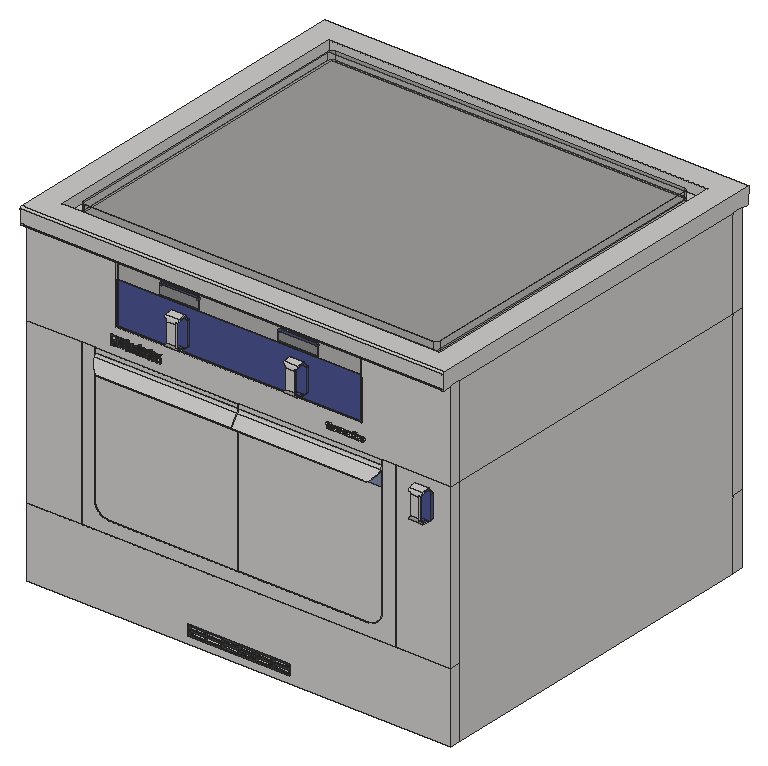
Revit family "QF_ELECTROLUXPROFESSIONAL_589676_MCIRFCJ4AO", category Attrezzature speciali, Revit 2020
Family settings
  Quota connettore circolare = Usa diametro
  Tipo di parte = Normale
  Basato su piano di lavoro = No
  Sempre verticale = Sì
  Taglio con vuoti quando caricato = No
  Condiviso = No
  Punto di calcolo locali = No
Parameters (values of type "Standard")
  Weight = 136.00 kg
  Watts = 22000 W
  Volts = 400 V
  URL Manufacturer = "https://www.electroluxprofessional.com/"
  URL = "https://www.electroluxprofessional.com/"
  Steam Supply Size = 0"
  Steam Supply Minimum Pressure = 0.00 psi
  Steam Supply Maximum Pressure = 0.00 psi
  Steam Consumption per Hour = 0
  Refrigeration Suction Line Size = 0 mm
  Refrigeration Liquid Line Size = 0 mm
  Refrigerant Compressor Remote = yes
  Prospetto di default = 0 mm
  Phase = 3
  Modello = "MCIRFCJ4AO"
  Produttore = "Electrolux Professional"
  Length Actual = 1000 mm  # constant formula
  Item Number = "589676"
  Hot Water Size = 0"
  Height Actual = 800 mm  # constant formula
  HP = "29.5 HP"
  Gas Size = 0"
  Gas KW = 0
  Gas Input Pressure = 0.0 Btu/h
  Direct Waste Size = 0"
  Descrizione = "INDUCTION,4Z,WARM CAB PASS,2S,1000X900X8"
  Depth Actual = 900 mm  # constant formula
  Cycle = 50 Hz
  Condensate Return Size = 0"
  Compressed Air Volume = 0 GPM
  Compressed Air Size = 0"
  Compressed Air Pressure = 0.00 psi
  Cold Water Size = 0"
  Accessory = yes
Reference planes
  plane 1 "BACK": y = 0
  plane 2: z = 0
  plane 3 "LEFT": x = -100
  plane 4 "RIGHT": x = 900
  plane 5 "FRONT": y = -900
  plane 6 "TOP": z = 900
  plane 7 "Center (Left/Right)": x = 400
  plane 8: y = -450
  plane 9: z = 100
  plane 10: y = -150
  plane 11 "Panel": y = -855
  plane 12: z = 798
  plane 13: z = 1327
  plane 14: x = -22
  plane 15: x = 822
  plane 16: y = -150
  plane 17: y = -650
  plane 18 "EIx": x = 855
  plane 19 "EIy": y = -685
  plane 20: y = -880
  plane 21: z = 938
  plane 22: x = 835
Forms (mm)
  Extrusion 1, solid, material "QF_Finishes_Stainless Steel"
    sketch origin (-178.969, -4572, 100) x (-1, 0, 0) y (0, -1, 0)
      loop
        line (-78.969, -4527) -> (-78.969, -3717) -> (-1078.969, -3717) -> (-1078.969, -4527) -> (-78.969, -4527)
    from 550 to 762.969
  Extrusion 2, solid, material "QF_Finishes_Stainless Steel"
    sketch origin (-100, 0, 0) x (0, 1, 0) y (0, 0, 1)
      loop
        line (-855, 100) -> (-855, 265) -> (-880, 265) -> (-880, 100) -> (-855, 100)
    from 0 to 1000
  Extrusion 3, solid, material "QF_Finishes_Stainless Steel"
    sketch origin (-488.969, -4662, 100) x (-1, 0, 0) y (0, -1, 0)
      loop
        circle (-1343.969, -3977) r 6.35
    from 0 to -11.851
  Extrusion 4, solid, material "QF_Finishes_Stainless Steel"
    sketch origin (400, 296.4, 1219.2) x (0, 1, 0) y (0, 0, 1)
      loop
        line (-296.4, -319.2) -> (-1191.4, -319.2)
        arc (-1191.4, -319.2) -> (-1194.935, -320.664) -> (-1196.4, -324.2) r 5
        line (-1196.4, -324.2) -> (-1196.4, -355.2)
        arc (-1196.4, -355.2) -> (-1194.971, -358.264) -> (-1191.705, -359.139) r 4
        line (-1191.705, -359.139) -> (-1176.4, -356.231) -> (-316.4, -356.231) -> (-301.094, -359.139)
        arc (-301.094, -359.139) -> (-297.829, -358.264) -> (-296.4, -355.2) r 4
        line (-296.4, -355.2) -> (-296.4, -319.2)
    from -500 to 500
  Extrusion 5, solid, material "QF_Finishes_Electrolux_Black Smoke Iluminated"
    sketch origin (0, 0, 900) x (-1, 0, 0) y (0, -1, 0)
      loop
        arc (12, 79) -> (19.071, 81.929) -> (22, 89) r 10
        line (22, 89) -> (22, 810)
        arc (22, 810) -> (19.071, 817.071) -> (12, 820) r 10
        line (12, 820) -> (-812, 820)
        arc (-812, 820) -> (-819.071, 817.071) -> (-822, 810) r 10
        line (-822, 810) -> (-822, 89)
        arc (-822, 89) -> (-819.071, 81.929) -> (-812, 79) r 10
        line (-812, 79) -> (12, 79)
    from 0 to -20
  Extrusion 6, solid, material "QF_Finishes_Stainless Steel"
    sketch origin (-178.969, -4572, 100) x (-1, 0, 0) y (0, -1, 0)
      loop
        line (-78.969, -4527) -> (-78.969, -3717) -> (-1078.969, -3717) -> (-1078.969, -4527) -> (-78.969, -4527)
    from 550 to 0
  Extrusion 7, void
    sketch origin (0, -855, 0) x (-1, 0, 0) y (0, 0, 1)
      loop
        line (-520, 116.594) -> (-280, 116.594) -> (-280, 141.594) -> (-520, 141.594) -> (-520, 116.594)
    from 0 to -25
  Extrusion 8, solid, material "QF_Finishes_Black"
    sketch origin (0, -855, 0) x (-1, 0, 0) y (0, 0, 1)
      loop
        line (-280, 141.594) -> (-520, 141.594) -> (-520, 116.594) -> (-280, 116.594) -> (-280, 141.594)
      loop
        line (-282, 139.594) -> (-319.131, 139.594) -> (-319.131, 130.094) -> (-282, 130.094) -> (-282, 139.594)
      loop
        line (-282, 118.594) -> (-282, 128.094) -> (-319.131, 128.094) -> (-319.131, 118.594) -> (-282, 118.594)
      loop
        line (-321.131, 139.594) -> (-359.066, 139.594) -> (-359.066, 130.094) -> (-321.131, 130.094) -> (-321.131, 139.594)
      loop
        line (-399, 139.594) -> (-399, 130.094) -> (-361.066, 130.094) -> (-361.066, 139.594) -> (-399, 139.594)
      loop
        line (-401, 139.594) -> (-438.934, 139.594) -> (-438.934, 130.094) -> (-401, 130.094) -> (-401, 139.594)
      loop
        line (-359.066, 118.594) -> (-321.131, 118.594) -> (-321.131, 128.094) -> (-359.066, 128.094) -> (-359.066, 118.594)
      loop
        line (-361.066, 118.594) -> (-361.066, 128.094) -> (-399, 128.094) -> (-399, 118.594) -> (-361.066, 118.594)
      loop
        line (-401, 128.094) -> (-438.934, 128.094) -> (-438.934, 118.594) -> (-401, 118.594) -> (-401, 128.094)
      loop
        line (-518, 139.594) -> (-518, 130.094) -> (-480.869, 130.094) -> (-480.869, 139.594) -> (-518, 139.594)
      loop
        line (-518, 118.594) -> (-480.869, 118.594) -> (-480.869, 128.094) -> (-518, 128.094) -> (-518, 118.594)
      loop
        line (-478.869, 139.594) -> (-478.869, 130.094) -> (-440.934, 130.094) -> (-440.934, 139.594) -> (-478.869, 139.594)
      loop
        line (-440.934, 118.594) -> (-440.934, 128.094) -> (-478.869, 128.094) -> (-478.869, 118.594) -> (-440.934, 118.594)
    from -20 to -25
  Extrusion 9, void
    sketch origin (0, 0, 900) x (-1, 0, 0) y (0, -1, 0)
      loop
        line (47, 845) -> (-847, 845) -> (-847, 54) -> (47, 54) -> (47, 845)
    from 0 to -25
  Extrusion 10, solid, material "QF_Finishes_Stainless Steel"
    sketch origin (0, 0, 900) x (-1, 0, 0) y (0, -1, 0)
      loop
        line (18, 83) -> (18, 816) -> (-818, 816) -> (-818, 83) -> (18, 83)
    from -20 to -25
  Extrusion 11, solid, material "QF_Finishes_Stainless Steel"
    sketch origin (0, -900, 0) x (1, 0, 0) y (0, 0, 1)
      loop
        line (-100, 650) -> (-100, 265) -> (30, 265) -> (30, 650) -> (-100, 650)
      loop
        line (900, 650) -> (770, 650) -> (770, 265) -> (900, 265) -> (900, 650)
    from -45 to -20
  Extrusion 12, solid, material "QF_Finishes_Stainless Steel"
    sketch origin (0, -900, 0) x (1, 0, 0) y (0, 0, 1)
      loop
        line (30, 265) -> (770, 265) -> (770, 650) -> (740, 650) -> (740, 327)
        arc (740, 327) -> (730.627, 304.373) -> (708, 295) r 32
        line (708, 295) -> (92, 295)
        arc (92, 295) -> (69.373, 304.373) -> (60, 327) r 32
        line (60, 327) -> (60, 650) -> (30, 650) -> (30, 265)
    from -45 to -20
  Extrusion 13, solid, material "QF_Finishes_Stainless Steel"
    sketch origin (0, 0, 0) x (1, 0, 0) y (0, 0, -1)
      loop
        line (-100, -650) -> (30, -650) -> (30, -265) -> (-100, -265) -> (-100, -650)
      loop
        line (900, -650) -> (900, -265) -> (770, -265) -> (770, -650) -> (900, -650)
    from -45 to -20
  Extrusion 14, solid, material "QF_Finishes_Stainless Steel"
    sketch origin (-100, -900, 0) x (0, -1, 0) y (0, 0, -1)
      loop
        line (-855, -100) -> (-880, -100) -> (-880, -265) -> (-855, -265) -> (-855, -100)
    from 0 to 1000
  Extrusion 15, void
    sketch origin (0, -45, 0) x (-1, 0, 0) y (0, 0, -1)
      loop
        line (-520, -116.594) -> (-520, -141.594) -> (-280, -141.594) -> (-280, -116.594) -> (-520, -116.594)
    from 0 to -25
  Extrusion 16, solid, material "QF_Finishes_Black"
    sketch origin (0, -45, 0) x (-1, 0, 0) y (0, 0, -1)
      loop
        line (-280, -141.594) -> (-280, -116.594) -> (-520, -116.594) -> (-520, -141.594) -> (-280, -141.594)
      loop
        line (-282, -139.594) -> (-282, -130.094) -> (-319.131, -130.094) -> (-319.131, -139.594) -> (-282, -139.594)
      loop
        line (-282, -118.594) -> (-319.131, -118.594) -> (-319.131, -128.094) -> (-282, -128.094) -> (-282, -118.594)
      loop
        line (-321.131, -139.594) -> (-321.131, -130.094) -> (-359.066, -130.094) -> (-359.066, -139.594) -> (-321.131, -139.594)
      loop
        line (-399, -139.594) -> (-361.066, -139.594) -> (-361.066, -130.094) -> (-399, -130.094) -> (-399, -139.594)
      loop
        line (-401, -139.594) -> (-401, -130.094) -> (-438.934, -130.094) -> (-438.934, -139.594) -> (-401, -139.594)
      loop
        line (-359.066, -118.594) -> (-359.066, -128.094) -> (-321.131, -128.094) -> (-321.131, -118.594) -> (-359.066, -118.594)
      loop
        line (-361.066, -118.594) -> (-399, -118.594) -> (-399, -128.094) -> (-361.066, -128.094) -> (-361.066, -118.594)
      loop
        line (-401, -128.094) -> (-401, -118.594) -> (-438.934, -118.594) -> (-438.934, -128.094) -> (-401, -128.094)
      loop
        line (-518, -139.594) -> (-480.869, -139.594) -> (-480.869, -130.094) -> (-518, -130.094) -> (-518, -139.594)
      loop
        line (-518, -118.594) -> (-518, -128.094) -> (-480.869, -128.094) -> (-480.869, -118.594) -> (-518, -118.594)
      loop
        line (-478.869, -139.594) -> (-440.934, -139.594) -> (-440.934, -130.094) -> (-478.869, -130.094) -> (-478.869, -139.594)
      loop
        line (-440.934, -118.594) -> (-478.869, -118.594) -> (-478.869, -128.094) -> (-440.934, -128.094) -> (-440.934, -118.594)
    from -20 to -25
  Extrusion 17, solid, material "QF_Finishes_Stainless Steel"
    sketch origin (0, 0, 0) x (1, 0, 0) y (0, 0, -1)
      loop
        line (30, -265) -> (30, -650) -> (60, -650) -> (60, -327)
        arc (60, -327) -> (69.373, -304.373) -> (92, -295) r 32
        line (92, -295) -> (708, -295)
        arc (708, -295) -> (730.627, -304.373) -> (740, -327) r 32
        line (740, -327) -> (740, -650) -> (770, -650) -> (770, -265) -> (30, -265)
    from -45 to -20
Cuts and joins
  Extrusion 7, Extrusion 15 cuts Extrusion 6
  Extrusion 7, Extrusion 15 cuts Extrusion 2
  Extrusion 9 cuts Extrusion 4
  Extrusion 15 cuts Extrusion 8
  Extrusion 15 cuts Extrusion 14
Lines and regions (mm)
  symbolic lines
    curve 1: line (-100, 0, 100) -> (900, 0, 100)
    curve 2: line (-100, -900, 100) -> (-100, 0, 100)
    curve 3: line (900, -900, 100) -> (-100, -900, 100)
    curve 4: line (900, 0, 100) -> (900, -900, 100)
    curve 5: line (812, -79, 100) -> (-12, -79, 100)
    curve 6: line (-22, -89, 100) -> (-22, -810, 100)
    curve 7: line (-12, -820, 100) -> (812, -820, 100)
    curve 8: line (822, -810, 100) -> (822, -89, 100)
    curve 9: arc (-12, -79, 100) -> (-19.071, -81.929, 100) -> (-22, -89, 100) r 10
    curve 10: arc (822, -89, 100) -> (819.071, -81.929, 100) -> (812, -79, 100) r 10
    curve 11: arc (812, -820, 100) -> (819.071, -817.071, 100) -> (822, -810, 100) r 10
    curve 12: arc (-22, -810, 100) -> (-19.071, -817.071, 100) -> (-12, -820, 100) r 10
    curve 13: line (847, -54, 900) -> (-47, -54, 900)
    curve 14: line (-47, -54, 900) -> (-47, -845, 900)
    curve 15: line (847, -845, 900) -> (847, -54, 900)
    curve 16: line (-47, -845, 900) -> (847, -845, 900)
  model lines
    curve 17: line (64.474, -422.012, 900) -> (46.796, -404.335, 900)
    curve 18: line (46.796, -404.335, 900) -> (46.796, -169.335, 900)
    curve 19: line (46.796, -169.335, 900) -> (64.474, -151.657, 900)
    curve 20: line (183.85, -245.603, 900) -> (183.85, -325.603, 900)
    curve 21: line (143.85, -285.603, 900) -> (223.85, -285.603, 900)
    curve 22: line (303.226, -422.012, 900) -> (320.903, -404.335, 900)
    curve 23: line (320.903, -404.335, 900) -> (320.903, -169.335, 900)
    curve 24: line (320.903, -169.335, 900) -> (303.226, -151.657, 900)
    curve 25: line (494.474, -422.012, 900) -> (476.796, -404.335, 900)
    curve 26: line (476.796, -404.335, 900) -> (476.796, -169.335, 900)
    curve 27: line (476.796, -169.335, 900) -> (494.474, -151.657, 900)
    curve 28: line (613.85, -245.603, 900) -> (613.85, -325.603, 900)
    curve 29: line (573.85, -285.603, 900) -> (653.85, -285.603, 900)
    curve 30: line (733.226, -422.012, 900) -> (750.903, -404.335, 900)
    curve 31: line (750.903, -404.335, 900) -> (750.903, -169.335, 900)
    curve 32: line (750.903, -169.335, 900) -> (733.226, -151.657, 900)
    curve 33: line (64.474, -477.988, 900) -> (46.796, -495.665, 900)
    curve 34: line (46.796, -495.665, 900) -> (46.796, -730.665, 900)
    curve 35: line (46.796, -730.665, 900) -> (64.474, -748.343, 900)
    curve 36: line (183.85, -654.397, 900) -> (183.85, -574.397, 900)
    curve 37: line (143.85, -614.397, 900) -> (223.85, -614.397, 900)
    curve 38: line (303.226, -477.988, 900) -> (320.903, -495.665, 900)
    curve 39: line (320.903, -495.665, 900) -> (320.903, -730.665, 900)
    curve 40: line (320.903, -730.665, 900) -> (303.226, -748.343, 900)
    curve 41: line (494.474, -477.988, 900) -> (476.796, -495.665, 900)
    curve 42: line (476.796, -495.665, 900) -> (476.796, -730.665, 900)
    curve 43: line (476.796, -730.665, 900) -> (494.474, -748.343, 900)
    curve 44: line (613.85, -654.397, 900) -> (613.85, -574.397, 900)
    curve 45: line (573.85, -614.397, 900) -> (653.85, -614.397, 900)
    curve 46: line (733.226, -477.988, 900) -> (750.903, -495.665, 900)
    curve 47: line (750.903, -495.665, 900) -> (750.903, -730.665, 900)
    curve 48: line (750.903, -730.665, 900) -> (733.226, -748.343, 900)
    curve 49: line (-7.896, -110.891, 900) -> (13.317, -89.677, 900)
    curve 50: line (13.317, -89.677, 900) -> (786.683, -89.677, 900)
    curve 51: line (807.896, -110.891, 900) -> (786.683, -89.677, 900)
    curve 52: line (-7.896, -789.109, 900) -> (13.317, -810.323, 900)
    curve 53: line (13.317, -810.323, 900) -> (786.683, -810.323, 900)
    curve 54: line (807.896, -789.109, 900) -> (786.683, -810.323, 900)
Dimensions and locks
  plane 3 "LEFT" to plane 4 "RIGHT" = 1000 mm
  plane 5 "FRONT" to plane 1 "BACK" = 900 mm
  plane 3 "LEFT" to plane 7 "Center (Left/Right)" to plane 4 "RIGHT" = 500 mm, 500 mm
  equal spacing: plane 5 "FRONT", plane 8, plane 1 "BACK"
  plane 6 "TOP" to level = 900 mm  (x2)
  plane 9 to level = 100 mm
  plane 1 "BACK" to plane 10 to plane 11 "Panel" = 150 mm, 705 mm  (x2)
  plane 6 "TOP" to plane 9 to level = 800 mm, 100 mm
  plane 1 "BACK" to plane 5 "FRONT" = 900 mm
  plane 1 "BACK" to Extrusion 3 = 685 mm
  plane 12 to plane 9 = 698 mm
  plane 13 to plane 6 "TOP" = 427 mm
  plane 6 "TOP" to plane 12 = 102 mm
  plane 14 to plane 3 "LEFT" = 78 mm
  plane 15 to plane 4 "RIGHT" = 78 mm
  locked: plane 1 "BACK" to plane 16 at 150
  locked: plane 16 to plane 17 at 500
  plane 11 "Panel" to plane 5 "FRONT" = 45 mm
  plane 18 "EIx" to plane 4 "RIGHT" = 45 mm
  plane 19 "EIy" to plane 1 "BACK" = 685 mm
  locked: plane 11 "Panel" to plane 20 at 25
  plane 21 to plane 6 "TOP" = 38 mm
  plane 22 to plane 4 "RIGHT" = 65 mm
  aligned and locked: level to plane 2
  aligned and locked: Extrusion 2 to plane 4 "RIGHT"
  aligned and locked: cut or joined group of Extrusion 4, Extrusion 9 to plane 3 "LEFT"
  aligned and locked: cut or joined group of Extrusion 4, Extrusion 9 to plane 4 "RIGHT"
  aligned and locked: cut or joined group of Extrusion 6, Extrusion 7, Extrusion 15 to plane 4 "RIGHT"
  aligned and locked: cut or joined group of Extrusion 6, Extrusion 7, Extrusion 15 to plane 3 "LEFT"
  aligned and locked: nested 2 to plane 11 "Panel"
  aligned and locked: Extrusion 1 to plane 11 "Panel"
  aligned and locked: plane 11 "Panel" to cut or joined group of Extrusion 2, Extrusion 7, Extrusion 15
  aligned and locked: nested 1 to plane 20
  aligned and locked: Extrusion 1 to plane 3 "LEFT"
  aligned and locked: Extrusion 1 to plane 4 "RIGHT"
  aligned and locked: plane 7 "Center (Left/Right)" to nested 3
  aligned and locked: cut or joined group of Extrusion 6, Extrusion 7, Extrusion 15 to nested 3
  aligned and locked: plane 11 "Panel" to Extrusion 11
  aligned and locked: plane 20 to Extrusion 11
  aligned and locked: Extrusion 12 to plane 20
  aligned and locked: plane 11 "Panel" to Extrusion 12
  aligned and locked: plane 22 to nested 1
  aligned and locked: nested 5 to plane 7 "Center (Left/Right)"
  aligned and locked: nested 5 to Extrusion 11
  aligned and locked: cut or joined group of Extrusion 6, Extrusion 7, Extrusion 15 to Extrusion 11
  aligned and locked: Extrusion 1 to Extrusion 11
  aligned and locked: Extrusion 1 to cut or joined group of Extrusion 4, Extrusion 9
Automatic sketch dimensions
  Extrusion 1 sketch curve to plane 4 "RIGHT" = 0 mm
  Extrusion 1 sketch curve to plane 3 "LEFT" = 0 mm
  Extrusion 1 sketch curve to plane 11 "Panel" = 0 mm
  plane 1 "BACK" to Extrusion 1 sketch curve = 45 mm
  Extrusion 2 sketch curve to plane 9 = 0 mm
  Extrusion 2 sketch curve to plane 20 = 0 mm
  Extrusion 2 sketch curve to plane 11 "Panel" = 0 mm
  plane 9 to Extrusion 2 sketch curve = 165 mm
  plane 1 "BACK" to curve 1 = 0 mm
  curve 1 to plane 4 "RIGHT" = 0 mm
  curve 8 to plane 15 = 0 mm
  curve 6 to plane 14 = 0 mm
  curve 2 to plane 3 "LEFT" = 0 mm
  plane 5 "FRONT" to curve 3 = 0 mm
  plane 15 to curve 5 = 10 mm
  plane 15 to curve 11 = 10 mm
  curve 5 to plane 14 = 10 mm
  curve 12 to curve 12 = 10 mm
  plane 10 to curve 5 = 71 mm
  plane 11 "Panel" to curve 11 = 45 mm
  Extrusion 3 sketch curve to plane 18 "EIx" = 0 mm
  Extrusion 3 sketch curve to plane 19 "EIy" = 0 mm
  Extrusion 4 sketch curve to plane 5 "FRONT" = 0 mm
  Extrusion 4 sketch curve to plane 6 "TOP" = 0 mm
  Extrusion 4 sketch curve to plane 20 = 0 mm
  Extrusion 4 sketch curve to plane 1 "BACK" = 0 mm
  Extrusion 4 sketch curve to Extrusion 4 sketch curve = 4 mm
  Extrusion 4 sketch curve to Extrusion 4 sketch curve = 0.695 mm
  Extrusion 4 sketch curve to plane 5 "FRONT" = 5 mm
  plane 1 "BACK" to Extrusion 4 sketch curve = 20 mm
  plane 1 "BACK" to Extrusion 4 sketch curve = 4.695 mm
  plane 1 "BACK" to Extrusion 4 sketch curve = 4 mm
  Extrusion 4 sketch curve to Extrusion 4 sketch curve = 31 mm
  Extrusion 4 sketch curve to Extrusion 4 sketch curve = 36 mm
  Extrusion 4 sketch curve to Extrusion 4 sketch curve = 2.909 mm
  Extrusion 5 sketch curve to plane 15 = 0 mm
  Extrusion 5 sketch curve to plane 14 = 0 mm
  plane 15 to Extrusion 5 sketch curve = 10 mm  (x2)
  Extrusion 5 sketch curve to Extrusion 5 sketch curve = 10 mm  (x2)
  plane 10 to Extrusion 5 sketch curve = 71 mm
  plane 11 "Panel" to Extrusion 5 sketch curve = 45 mm
  Extrusion 6 sketch curve to plane 4 "RIGHT" = 0 mm
  Extrusion 6 sketch curve to plane 3 "LEFT" = 0 mm
  Extrusion 6 sketch curve to plane 11 "Panel" = 0 mm
  plane 1 "BACK" to Extrusion 6 sketch curve = 45 mm
  plane 9 to Extrusion 7 sketch curve = 41.594 mm
  plane 7 "Center (Left/Right)" to Extrusion 7 sketch curve = 120 mm
  Extrusion 7 sketch curve to plane 7 "Center (Left/Right)" = 120 mm
  plane 9 to Extrusion 7 sketch curve = 16.594 mm
  plane 9 to Extrusion 8 sketch curve = 41.594 mm
  plane 7 "Center (Left/Right)" to Extrusion 8 sketch curve = 120 mm
  Extrusion 8 sketch curve to Extrusion 8 sketch curve = 2 mm  (x16)
  Extrusion 8 sketch curve to Extrusion 8 sketch curve = 0 mm  (x15)
  Extrusion 8 sketch curve to Extrusion 8 sketch curve = 37.131 mm  (x2)
  Extrusion 8 sketch curve to Extrusion 8 sketch curve = 37.934 mm  (x3)
  plane 7 "Center (Left/Right)" to Extrusion 8 sketch curve = 1 mm  (x2)
  Extrusion 8 sketch curve to plane 7 "Center (Left/Right)" = 1 mm  (x2)
  plane 9 to Extrusion 8 sketch curve = 18.594 mm  (x4)
  Extrusion 8 sketch curve to Extrusion 8 sketch curve = 9.5 mm  (x6)
  plane 18 "EIx" to Extrusion 9 sketch curve = 8 mm
  plane 14 to Extrusion 9 sketch curve = 25 mm
  plane 1 "BACK" to Extrusion 9 sketch curve = 54 mm
  plane 11 "Panel" to Extrusion 9 sketch curve = 10 mm
  plane 15 to Extrusion 10 sketch curve = 4 mm
  Extrusion 10 sketch curve to plane 14 = 4 mm
  plane 10 to Extrusion 10 sketch curve = 67 mm
  plane 11 "Panel" to Extrusion 10 sketch curve = 39 mm
  plane 18 "EIx" to curve 13 = 8 mm
  plane 15 to curve 53 = 35.317 mm
  plane 15 to curve 51 = 35.317 mm
  plane 15 to curve 46 = 71.097 mm
  curve 32 to plane 10 = 19.335 mm
  plane 15 to curve 32 = 71.097 mm
  curve 27 to plane 10 = 19.335 mm
  plane 7 "Center (Left/Right)" to curve 27 = 76.796 mm
  plane 7 "Center (Left/Right)" to curve 43 = 76.796 mm
  curve 24 to plane 10 = 19.335 mm
  curve 24 to plane 7 "Center (Left/Right)" = 79.097 mm
  curve 40 to plane 7 "Center (Left/Right)" = 79.097 mm
  curve 35 to plane 14 = 68.796 mm
  curve 19 to plane 10 = 19.335 mm
  curve 19 to plane 14 = 68.796 mm
  curve 50 to plane 14 = 35.317 mm
  curve 53 to plane 14 = 35.317 mm
  plane 14 to curve 14 = 25 mm
  plane 10 to curve 50 = 60.323 mm
  plane 1 "BACK" to curve 15 = 54 mm
  plane 8 to curve 26 = 45.665 mm
  plane 8 to curve 17 = 45.665 mm
  plane 8 to curve 30 = 45.665 mm
  plane 8 to curve 22 = 45.665 mm
  curve 34 to plane 8 = 45.665 mm
  curve 42 to plane 8 = 45.665 mm
  curve 38 to plane 8 = 45.665 mm
  curve 46 to plane 8 = 45.665 mm
  curve 42 to plane 19 "EIy" = 45.665 mm
  curve 40 to plane 19 "EIy" = 45.665 mm
  curve 34 to plane 19 "EIy" = 45.665 mm
  curve 47 to plane 19 "EIy" = 45.665 mm
  plane 11 "Panel" to curve 54 = 44.677 mm
  plane 11 "Panel" to curve 15 = 10 mm
  plane 15 to curve 54 = 14.104 mm
  plane 15 to curve 51 = 14.104 mm
  curve 46 to plane 8 = 27.988 mm
  curve 46 to curve 46 = 17.678 mm
  curve 47 to curve 48 = 17.678 mm  (x2)
  curve 32 to plane 10 = 1.657 mm
  curve 31 to curve 32 = 17.678 mm
  plane 8 to curve 30 = 27.988 mm
  curve 30 to curve 30 = 17.678 mm
  curve 45 to plane 17 = 35.603 mm
  curve 47 to curve 45 = 97.053 mm
  curve 31 to curve 29 = 97.053 mm
  plane 17 to curve 44 = 4.397 mm
  curve 45 to curve 44 = 40 mm
  curve 29 to curve 28 = 40 mm  (x2)
  curve 28 to curve 29 = 40 mm  (x2)
  curve 44 to curve 45 = 40 mm  (x2)
  curve 43 to curve 42 = 17.678 mm
  plane 8 to curve 25 = 27.988 mm
  curve 25 to curve 25 = 17.678 mm
  curve 41 to plane 8 = 27.988 mm
  curve 41 to curve 41 = 17.678 mm
  curve 27 to plane 10 = 1.657 mm
  curve 27 to curve 26 = 17.678 mm
  curve 38 to plane 8 = 27.988 mm
  curve 38 to curve 38 = 17.678 mm
  plane 8 to curve 22 = 27.988 mm
  curve 22 to curve 22 = 17.678 mm
  curve 24 to plane 10 = 1.657 mm
  curve 23 to curve 24 = 17.678 mm
  curve 39 to curve 40 = 17.678 mm  (x2)
  curve 37 to plane 17 = 35.603 mm
  curve 39 to curve 37 = 97.053 mm
  curve 23 to curve 21 = 97.053 mm
  curve 21 to curve 20 = 40 mm  (x2)
  plane 17 to curve 36 = 4.397 mm
  curve 37 to curve 36 = 40 mm
  curve 36 to curve 37 = 40 mm  (x2)
  curve 20 to curve 21 = 40 mm  (x2)
  plane 8 to curve 17 = 27.988 mm
  curve 17 to curve 17 = 17.678 mm
  curve 19 to plane 10 = 1.657 mm
  curve 19 to curve 18 = 17.678 mm
  curve 33 to plane 8 = 27.988 mm
  curve 33 to curve 33 = 17.678 mm
  curve 35 to curve 34 = 17.678 mm
  curve 49 to plane 14 = 14.104 mm
  curve 52 to plane 14 = 14.104 mm
  curve 49 to curve 49 = 21.213 mm
  curve 50 to curve 51 = 21.213 mm
  curve 28 to plane 10 = 95.603 mm
  curve 20 to plane 10 = 95.603 mm
  curve 42 to curve 43 = 17.678 mm
  curve 34 to curve 35 = 17.678 mm
  curve 54 to curve 53 = 21.213 mm
  curve 52 to curve 52 = 21.213 mm
  Extrusion 11 sketch curve to plane 3 "LEFT" = 0 mm
  plane 4 "RIGHT" to Extrusion 11 sketch curve = 0 mm
  Extrusion 11 sketch curve to plane 14 = 52 mm
  plane 15 to Extrusion 11 sketch curve = 52 mm
  plane 9 to Extrusion 11 sketch curve = 165 mm  (x2)
  Extrusion 11 sketch curve to plane 12 = 148 mm  (x2)
  Extrusion 12 sketch curve to plane 14 = 52 mm
  Extrusion 12 sketch curve to Extrusion 12 sketch curve = 30 mm  (x2)
  Extrusion 12 sketch curve to Extrusion 12 sketch curve = 32 mm  (x2)
  plane 15 to Extrusion 12 sketch curve = 114 mm
  plane 15 to Extrusion 12 sketch curve = 52 mm
  plane 9 to Extrusion 12 sketch curve = 165 mm
  Extrusion 12 sketch curve to plane 12 = 148 mm  (x2)
  Extrusion 13 sketch curve to plane 3 "LEFT" = 0 mm
  plane 4 "RIGHT" to Extrusion 13 sketch curve = 0 mm
  Extrusion 13 sketch curve to plane 14 = 52 mm
  plane 15 to Extrusion 13 sketch curve = 52 mm
  Extrusion 13 sketch curve to plane 12 = 148 mm  (x2)
  plane 9 to Extrusion 13 sketch curve = 165 mm  (x2)
  Extrusion 14 sketch curve to plane 9 = 0 mm
  plane 1 "BACK" to Extrusion 14 sketch curve = 20 mm
  Extrusion 14 sketch curve to Extrusion 14 sketch curve = 25 mm
  plane 9 to Extrusion 14 sketch curve = 165 mm
  plane 9 to Extrusion 15 sketch curve = 41.594 mm
  plane 7 "Center (Left/Right)" to Extrusion 15 sketch curve = 120 mm
  Extrusion 15 sketch curve to plane 7 "Center (Left/Right)" = 120 mm
  plane 9 to Extrusion 15 sketch curve = 16.594 mm
  plane 9 to Extrusion 16 sketch curve = 41.594 mm
  plane 7 "Center (Left/Right)" to Extrusion 16 sketch curve = 120 mm
  Extrusion 16 sketch curve to Extrusion 16 sketch curve = 2 mm  (x19)
  Extrusion 16 sketch curve to Extrusion 16 sketch curve = 0 mm  (x15)
  Extrusion 16 sketch curve to Extrusion 16 sketch curve = 37.131 mm  (x2)
  Extrusion 16 sketch curve to Extrusion 16 sketch curve = 37.934 mm  (x3)
  plane 7 "Center (Left/Right)" to Extrusion 16 sketch curve = 1 mm  (x2)
  Extrusion 16 sketch curve to plane 7 "Center (Left/Right)" = 1 mm  (x2)
  plane 9 to Extrusion 16 sketch curve = 18.594 mm
  plane 9 to Extrusion 16 sketch curve = 39.594 mm
  Extrusion 16 sketch curve to Extrusion 16 sketch curve = 9.5 mm  (x5)
  Extrusion 17 sketch curve to plane 14 = 52 mm
  Extrusion 17 sketch curve to Extrusion 17 sketch curve = 30 mm
  Extrusion 17 sketch curve to Extrusion 17 sketch curve = 32 mm  (x2)
  plane 15 to Extrusion 17 sketch curve = 114 mm
  plane 15 to Extrusion 17 sketch curve = 52 mm
  Extrusion 17 sketch curve to plane 12 = 148 mm  (x2)
  plane 9 to Extrusion 17 sketch curve = 227 mm
  plane 9 to Extrusion 17 sketch curve = 165 mm
  radius of Extrusion 3 sketch curve = 6.35 mm
Nested families
  nested 1: "FIT Range Control Handle" at (835, -883.137, -372.751), type "FIT Range Control Handle"
  nested 2: "Front_Panel_W1000_2 Knobs" at (102.376, -855, 0), type "Front_Panel_W1000_2 Knobs"
  nested 3: "H450H2W1000_2DOOR" at (363.958, -855, 200) x (1, 0, 0) z (0, -1, 0), type "H450H2W1000_2DOOR"
    with Width 680 mm, Wdoor 340 mm, Show Clearance yes
  nested 4: "Front_Panel_W1000_2 Knobs" at (102.376, -45, 0), type "Front_Panel_W1000_2 Knobs"
  nested 5: "H450H2W1000_2DOOR" at (436.042, -45, 200) x (-1, 0, 0) z (0, 1, 0), type "H450H2W1000_2DOOR"
    with Width 680 mm, Wdoor 340 mm, Show Clearance yes
  nested 6: "Warm" at (900, -900, 900), type "Warm"
Connectors
  electrical at (855, -685, 88.149)
    settings: on Extrusion 3, index 1, voltage 400 V, apparent load 33000 VA, apparent load phase1 0 VA, apparent load phase2 0 VA, apparent load phase3 0 VA, power factor 1, load classification "Other", number of poles 1, system type 30, power factor state 1, is connector primary yes, connector utility no, sub classification motor no, connector description "ELECTRICAL CONNECTION"
Definition of nested family "FIT Range Control Handle"
  Parameters
    Default Elevation = 0 mm
  Reference planes
    plane 1 "Center (Front/Back)": y = 0
    plane 2: z = 0
    plane 3 "Center (Left/Right)": x = 0
    plane 4: z = 971.092
    plane 5: y = -16.8
  Forms (mm)
    Extrusion 1, solid
      sketch origin (-746.28, 380.497, 208.931) x (-1, 0, 0) y (0, 0, 1)
        loop
          line (-770.101, 786.798) -> (-770.101, 731.649)
          arc (-770.101, 731.649) -> (-769.759, 730.563) -> (-768.855, 729.87) r 1.893
          line (-768.855, 729.87) -> (-763.474, 727.911) -> (-729.81, 727.911) -> (-724.428, 729.87)
          arc (-724.428, 729.87) -> (-723.525, 730.563) -> (-723.183, 731.649) r 1.893
          line (-723.183, 731.649) -> (-723.183, 786.798)
          arc (-723.183, 786.798) -> (-723.529, 787.894) -> (-724.44, 788.593) r 1.91
          line (-724.44, 788.593) -> (-729.683, 790.819) -> (-763.601, 790.819) -> (-768.844, 788.593)
          arc (-768.844, 788.593) -> (-769.755, 787.894) -> (-770.101, 786.798) r 1.91
      from -382.35 to -378.852
    Sweep 2, solid
      path origin (-746.788, 380.496, 208.091) x (0, -1, 0) y (0, 0, 1)
        loop
          line (379.775, 793.281) -> (395.661, 791.048)
          arc (395.661, 791.048) -> (397.781, 787.377) -> (398.517, 783.202) r 12.207
          line (398.517, 783.202) -> (398.517, 737.368)
          arc (398.517, 737.368) -> (397.781, 733.193) -> (395.661, 729.522) r 12.207
          line (395.661, 729.522) -> (379.775, 727.289)
      profile origin (-746.788, -7.222, 1000.256) x (0, -0.139173, 0.990268) y (-1, 0, 0)
        loop
          line (0.782, -763.123) -> (0.782, -730.907) -> (-1.322, -730.907) -> (-1.322, -763.123) -> (0.782, -763.123)
    Sweep 3, solid
      path origin (-746.788, 380.715, 207.832) x (0, -1, 0) y (0, 0, 1)
        loop
          line (380.478, 795.442) -> (397.218, 793.09)
          arc (397.218, 793.09) -> (399.929, 788.473) -> (400.871, 783.202) r 15.207
          line (400.871, 783.202) -> (400.871, 737.584)
          arc (400.871, 737.584) -> (399.914, 732.274) -> (397.164, 727.633) r 15.207
          line (397.164, 727.633) -> (380.601, 725.305)
      profile origin (-746.788, -8.132, 1002.099) x (0, -0.139173, 0.990268) y (-1, 0, 0)
        loop
          line (0.782, -763.123) -> (0.782, -730.907) -> (-1.322, -730.907) -> (-1.322, -763.123) -> (0.782, -763.123)
    Extrusion 4, void
      sketch origin (889.253, 220.666, 207.993) x (1, 0, 0) y (0, 0, 1)
        loop
          line (-943.038, 816.854) -> (-943.038, 703.686) -> (-899.466, 734.196) -> (-899.466, 786.344) -> (-943.038, 816.854)
      from 230.636 to 242.25
    Extrusion 5, void
      sketch origin (-888.8, 220.666, 207.993) x (-1, 0, 0) y (0, 0, -1)
        loop
          line (-943.038, -816.854) -> (-899.466, -786.344) -> (-899.466, -734.196) -> (-943.038, -703.686) -> (-943.038, -816.854)
      from 230.636 to 242.25
    Extrusion 6, solid
      sketch origin (0, 0, 0) x (1, 0, 0) y (0, 0, 1)
        loop
          circle (0, 971.092) r 7.736
      from -3.137 to -1.645
  Cuts and joins
    Extrusion 4, Extrusion 5 cuts Sweep 3
    Extrusion 4, Extrusion 5 cuts Sweep 2
    joined: Extrusion 1, Extrusion 6
  Lines and regions (mm)
    symbolic lines
      curve 1: line (-15.881, -19.189, 0) -> (-15.881, -16.8, 0)
      curve 2: line (16.334, -19.189, 0) -> (16.334, -16.8, 0)
      curve 3: spline (-15.881, -19.189, 0) -> (-15.417, -19.349, 0) -> (-14.951, -19.501, 0) -> (-14.483, -19.646, 0) -> (-14.014, -19.783, 0) -> (-13.543, -19.912, 0) -> (-13.071, -20.033, 0) -> (-12.597, -20.146, 0) -> (-12.122, -20.251, 0) -> (-11.646, -20.349, 0) -> (-11.169, -20.438, 0) -> (-10.691, -20.52, 0) -> (-10.213, -20.593, 0)
      curve 4: spline (10.666, -20.593, 0) -> (11.144, -20.52, 0) -> (11.622, -20.438, 0) -> (12.099, -20.349, 0) -> (12.575, -20.251, 0) -> (13.05, -20.146, 0) -> (13.524, -20.033, 0) -> (13.996, -19.912, 0) -> (14.467, -19.783, 0) -> (14.936, -19.646, 0) -> (15.404, -19.501, 0) -> (15.87, -19.349, 0) -> (16.334, -19.189, 0)
      curve 5: line (-10.213, -20.938, 0) -> (10.716, -20.938, 0)
  Dimensions and locks
    cut or joined group of Sweep 3, Extrusion 4, Extrusion 5 to cut or joined group of Sweep 3, Extrusion 4, Extrusion 5 = 71.686 mm
Definition of nested family "Front_Panel_W1000_2 Knobs"
  Parameters
    Default Elevation = 0 mm
  Reference planes
    plane 1 "Center (Front/Back)": y = 0
    plane 2: z = 0
    plane 3 "Center (Left/Right)": x = 297.624
    plane 4 "Left": x = -202.376
    plane 5 "Right": x = 797.624
    plane 6: y = -45
    plane 7: x = 157.624
    plane 8: y = -25
    plane 9: x = -2.376
    plane 10: x = 437.624
    plane 11: x = 594.715
  Forms (mm)
    Extrusion 1, solid
      sketch origin (833.217, 829.203, -1.25) x (0, 1, 0) y (0, 0, 1)
        loop
          line (-854.203, 651.25) -> (-829.203, 651.25) -> (-829.203, 864.25) -> (-854.203, 864.25) -> (-854.203, 651.25)
      from -1035.593 to -35.593
    Extrusion 2, void
      sketch origin (0, 0, 0) x (1, 0, 0) y (0, 0, 1)
        loop
          line (7.624, 853.866) -> (7.624, 711.866) -> (587.624, 711.866) -> (587.624, 853.866) -> (7.624, 853.866)
      from 19.387 to 33.951
  Cuts and joins
    Extrusion 2 cuts Extrusion 1
  Dimensions and locks
    equal spacing: plane 5 "Right", plane 3 "Center (Left/Right)", plane 4 "Left"
    plane 5 "Right" to plane 4 "Left" = 1000 mm
    plane 3 "Center (Left/Right)" to plane 7 = 140 mm
    plane 10 to plane 3 "Center (Left/Right)" = 140 mm
    aligned and locked: cut or joined group of Extrusion 1, Extrusion 2 to plane 4 "Left"
    aligned and locked: plane 5 "Right" to cut or joined group of Extrusion 1, Extrusion 2
    aligned and locked: plane 3 "Center (Left/Right)" to nested 2
    aligned and locked: cut or joined group of Extrusion 1, Extrusion 2 to nested 2
  Automatic sketch dimensions
    Extrusion 1 sketch curve to plane 1 "Center (Front/Back)" = 0 mm
    level to Extrusion 1 sketch curve = 650 mm
    plane 4 "Left" to Extrusion 2 sketch curve = 210 mm
    Extrusion 2 sketch curve to plane 5 "Right" = 210 mm
    level to Extrusion 2 sketch curve = 711.866 mm
    Extrusion 2 sketch curve to Extrusion 2 sketch curve = 142 mm
    Extrusion 1 sketch curve to plane 6 = 20 mm
    Extrusion 1 sketch curve to Extrusion 1 sketch curve = 213 mm
  Nested families
    nested 1: "Range Control Handle" at (157.624, -28.137, -209.113) x (-1, 0, 0) z (0, 0, 1), type "Range Control Handle"
    nested 2: "Front glass control panel W1000_2 Knobs" at (297.624, 280.644, 2.752), type "Front glass control panel W1000_2 Knobs"
    nested 3: "Range Control Handle" at (437.624, -28.137, -209.113), type "Range Control Handle"
    nested 4: "ELX_ThermaLine_Small" at (546.122, -25, 679.426) x (1, 0, 0) z (0, -1, 0), type "ELX_ThermaLine_Small"
      with Show Logo yes, Material_Logo none
    nested 5: "ELX_Professional_Logo_Small" at (57.11, -25, 681.659) x (1, 0, 0) z (0, -1, 0), type "ELX_Professional_Logo_Small"
      with Show Logo yes, Material_Logo none
  Definition of nested family "Range Control Handle"
    Parameters
      Default Elevation = 0 mm
    Reference planes
      plane 1 "Center (Front/Back)": y = 0
      plane 2: z = 0
      plane 3 "Center (Left/Right)": x = 0
      plane 4: z = 971.092
      plane 5: y = -16.9
    Forms (mm)
      Extrusion 1, solid
        sketch origin (-746.28, 380.497, 208.931) x (-1, 0, 0) y (0, 0, 1)
          loop
            line (-770.101, 786.798) -> (-770.101, 731.649)
            arc (-770.101, 731.649) -> (-769.759, 730.563) -> (-768.855, 729.87) r 1.893
            line (-768.855, 729.87) -> (-763.474, 727.911) -> (-729.81, 727.911) -> (-724.428, 729.87)
            arc (-724.428, 729.87) -> (-723.525, 730.563) -> (-723.183, 731.649) r 1.893
            line (-723.183, 731.649) -> (-723.183, 786.798)
            arc (-723.183, 786.798) -> (-723.529, 787.894) -> (-724.44, 788.593) r 1.91
            line (-724.44, 788.593) -> (-729.683, 790.819) -> (-763.601, 790.819) -> (-768.844, 788.593)
            arc (-768.844, 788.593) -> (-769.755, 787.894) -> (-770.101, 786.798) r 1.91
        from -382.35 to -378.852
      Sweep 2, solid
        path origin (-746.788, 380.496, 208.091) x (0, -1, 0) y (0, 0, 1)
          loop
            line (379.775, 793.281) -> (395.661, 791.048)
            arc (395.661, 791.048) -> (397.781, 787.377) -> (398.517, 783.202) r 12.207
            line (398.517, 783.202) -> (398.517, 737.368)
            arc (398.517, 737.368) -> (397.781, 733.193) -> (395.661, 729.522) r 12.207
            line (395.661, 729.522) -> (379.775, 727.289)
        profile origin (-746.788, -7.222, 1000.256) x (0, -0.139173, 0.990268) y (-1, 0, 0)
          loop
            line (0.782, -763.123) -> (0.782, -730.907) -> (-1.322, -730.907) -> (-1.322, -763.123) -> (0.782, -763.123)
      Sweep 3, solid
        path origin (-746.788, 380.715, 207.832) x (0, -1, 0) y (0, 0, 1)
          loop
            line (380.478, 795.442) -> (397.218, 793.09)
            arc (397.218, 793.09) -> (399.929, 788.473) -> (400.871, 783.202) r 15.207
            line (400.871, 783.202) -> (400.871, 737.584)
            arc (400.871, 737.584) -> (399.914, 732.274) -> (397.164, 727.633) r 15.207
            line (397.164, 727.633) -> (380.601, 725.305)
        profile origin (-746.788, -8.132, 1002.099) x (0, -0.139173, 0.990268) y (-1, 0, 0)
          loop
            line (0.782, -763.123) -> (0.782, -730.907) -> (-1.322, -730.907) -> (-1.322, -763.123) -> (0.782, -763.123)
      Extrusion 4, void
        sketch origin (889.253, 220.666, 207.993) x (1, 0, 0) y (0, 0, 1)
          loop
            line (-943.038, 816.854) -> (-943.038, 703.686) -> (-899.466, 734.196) -> (-899.466, 786.344) -> (-943.038, 816.854)
        from 230.636 to 242.25
      Extrusion 5, void
        sketch origin (-888.8, 220.666, 207.993) x (-1, 0, 0) y (0, 0, -1)
          loop
            line (-943.038, -816.854) -> (-899.466, -786.344) -> (-899.466, -734.196) -> (-943.038, -703.686) -> (-943.038, -816.854)
        from 230.636 to 242.25
      Extrusion 6, solid
        sketch origin (0, 0, 0) x (1, 0, 0) y (0, 0, 1)
          loop
            circle (0, 971.092) r 7.736
        from -3.137 to -1.645
    Cuts and joins
      Extrusion 4, Extrusion 5 cuts Sweep 3
      Extrusion 4, Extrusion 5 cuts Sweep 2
      joined: Extrusion 1, Extrusion 6
    Lines and regions (mm)
      symbolic lines
        curve 1: line (16.334, -16.9, 0) -> (16.334, -19.227, 0)
        curve 2: spline (16.334, -19.227, 0) -> (15.87, -19.385, 0) -> (15.404, -19.536, 0) -> (14.936, -19.678, 0) -> (14.466, -19.813, 0) -> (13.995, -19.94, 0) -> (13.523, -20.059, 0) -> (13.049, -20.171, 0) -> (12.575, -20.274, 0) -> (12.099, -20.37, 0) -> (11.622, -20.458, 0) -> (11.144, -20.537, 0) -> (10.666, -20.609, 0)
        curve 3: line (10.666, -16.9, 0) -> (10.666, -20.938, 0)
        curve 4: line (-10.213, -20.938, 0) -> (10.666, -20.938, 0)
        curve 5: line (-10.213, -20.938, 0) -> (-10.213, -16.9, 0)
        curve 6: spline (-10.213, -20.609, 0) -> (-10.691, -20.537, 0) -> (-11.169, -20.458, 0) -> (-11.646, -20.37, 0) -> (-12.122, -20.274, 0) -> (-12.597, -20.171, 0) -> (-13.07, -20.059, 0) -> (-13.542, -19.94, 0) -> (-14.013, -19.813, 0) -> (-14.483, -19.678, 0) -> (-14.951, -19.536, 0) -> (-15.417, -19.385, 0) -> (-15.881, -19.227, 0)
        curve 7: line (-15.881, -19.227, 0) -> (-15.881, -16.9, 0)
  Definition of nested family "Front glass control panel W1000_2 Knobs"
    Parameters
      Default Elevation = 0 mm
    Reference planes
      plane 1 "Center (Front/Back)": y = 0
      plane 2: z = 0
      plane 3 "Center (Left/Right)": x = 0
      plane 4: x = -140
      plane 5: x = 140
    Forms (mm)
      Extrusion 1, solid
        sketch origin (378.286, 0, 0.617) x (1, 0, 0) y (0, 0, 1)
          loop
            line (-668.286, 806.791) -> (-668.286, 708.497) -> (-88.286, 708.497) -> (-88.286, 806.791) -> (-668.286, 806.791)
        from 300.031 to 304.8
      Extrusion 2, solid
        sketch origin (378.286, 0, 0.617) x (1, 0, 0) y (0, 0, 1)
          loop
            line (-668.286, 850.497) -> (-668.286, 806.791) -> (-88.286, 806.791) -> (-88.286, 850.497) -> (-668.286, 850.497)
        from 300.031 to 304.8
      Extrusion 3, void
        sketch origin (378.286, 0, 0.617) x (1, 0, 0) y (0, 0, 1)
          loop
            line (-665.628, 847.565) -> (-665.628, 710.699) -> (-91.196, 710.699) -> (-91.196, 847.565) -> (-665.628, 847.565)
        from 303.697 to 304.8
      Extrusion 4, solid
        sketch origin (-448.309, 1.101, -0.633) x (-1, 0, 0) y (0, 0, -1)
          loop
            line (-261.431, -812.62) -> (-355.186, -812.62) -> (-355.186, -834.177) -> (-350.269, -834.177) -> (-348.469, -835.977) -> (-268.039, -835.977) -> (-266.24, -834.177) -> (-261.431, -834.177) -> (-261.431, -812.62)
        from 304.798 to 306.745
      Extrusion 5, solid
        sketch origin (-448.309, 1.101, -0.633) x (-1, 0, 0) y (0, 0, -1)
          loop
            line (-350.269, -834.177) -> (-355.078, -834.177)
            arc (-355.078, -834.177) -> (-353.942, -838.747) -> (-349.686, -840.763) r 5.5
            line (-349.686, -840.763) -> (-266.98, -840.763)
            arc (-266.98, -840.763) -> (-262.706, -838.752) -> (-261.529, -834.177) r 5.549
            line (-261.529, -834.177) -> (-266.24, -834.177) -> (-268.039, -835.977) -> (-348.469, -835.977) -> (-350.269, -834.177)
        from 304.798 to 306.745
      Extrusion 6, solid
        sketch origin (448.333, 1.101, -0.633) x (1, 0, 0) y (0, 0, 1)
          loop
            line (-261.431, 812.62) -> (-261.431, 834.177) -> (-266.24, 834.177) -> (-268.039, 835.977) -> (-348.469, 835.977) -> (-350.269, 834.177) -> (-355.186, 834.177) -> (-355.186, 812.62) -> (-261.431, 812.62)
        from 304.798 to 306.745
      Extrusion 7, solid
        sketch origin (448.333, 1.101, -0.633) x (1, 0, 0) y (0, 0, 1)
          loop
            line (-350.269, 834.177) -> (-348.469, 835.977) -> (-268.039, 835.977) -> (-266.24, 834.177) -> (-261.529, 834.177)
            arc (-261.529, 834.177) -> (-262.706, 838.752) -> (-266.98, 840.763) r 5.549
            line (-266.98, 840.763) -> (-349.686, 840.763)
            arc (-349.686, 840.763) -> (-353.942, 838.747) -> (-355.078, 834.177) r 5.5
            line (-355.078, 834.177) -> (-350.269, 834.177)
        from 304.798 to 306.745
    Cuts and joins
      Extrusion 3 cuts Extrusion 1
      Extrusion 3 cuts Extrusion 2
    Dimensions and locks
      plane 3 "Center (Left/Right)" to plane 4 = 140 mm
      plane 5 to plane 3 "Center (Left/Right)" = 140 mm
      aligned and locked: Extrusion 1 to Extrusion 2
      aligned and locked: Extrusion 5 sketch curve to Extrusion 4  (x5)
      aligned and locked: Extrusion 5 to Extrusion 4
      aligned and locked: Extrusion 7 sketch curve to Extrusion 6  (x4)
      aligned and locked: Extrusion 6 to Extrusion 7 sketch curve
      aligned and locked: Extrusion 7 to Extrusion 6
  Definition of nested family "ELX_ThermaLine_Small"
    Parameters
      Show Logo [instance] = yes
      Material_Logo [instance] = none
      Default Elevation = 0 mm
    Reference planes
      plane 1 "Centro (Fronte/Retro)": y = 0
      plane 2: z = 0
      plane 3 "Centro (Sinistra/Destra)": x = 0
    Forms (mm)
      Extrusion 1, solid
        sketch origin (0, 0, 0) x (1, 0, 0) y (0, 1, 0)
          loop
            line (-1219.2, 1219.2) -> (-1219.2, -1219.2) -> (1219.2, -1219.2) -> (1219.2, 1219.2) -> (-1219.2, 1219.2)
        from 0 to -304.8
      Extrusion 2, solid
        sketch origin (0, 0, 0) x (1, 0, 0) y (0, 1, 0)
          loop
            line (-37.494, 1.229) -> (-35.908, 1.229) -> (-35.908, 3.066) -> (-37.494, 3.066) -> (-37.494, 6.221) -> (-39.867, 4.881) -> (-39.867, 3.066) -> (-40.969, 3.066) -> (-40.969, 1.229) -> (-39.867, 1.229) -> (-39.867, -3.407)
            arc (-39.867, -3.407) -> (-38.982, -5.513) -> (-36.751, -6.001) r 2.478
            line (-36.751, -6.001) -> (-35.638, -5.7) -> (-35.9, -3.835) -> (-36.661, -4.039)
            arc (-36.661, -4.039) -> (-37.236, -3.924) -> (-37.494, -3.399) r 0.662
            line (-37.494, -3.399) -> (-37.494, 1.229)
          loop
            line (-34.242, 6.539) -> (-34.242, -5.848) -> (-31.854, -5.848) -> (-31.854, -0.078)
            arc (-31.854, -0.078) -> (-30.939, 1.249) -> (-29.33, 1.367) r 1.866
            arc (-29.33, 1.367) -> (-28.695, 0.768) -> (-28.461, -0.073) r 1.627
            line (-28.461, -0.073) -> (-28.461, -5.848) -> (-26.086, -5.848) -> (-26.064, -0.46)
            arc (-26.064, -0.46) -> (-26.261, 0.932) -> (-26.786, 2.237) r 5.825
            arc (-26.786, 2.237) -> (-29.381, 3.264) -> (-31.854, 1.971) r 3.353
            line (-31.854, 1.971) -> (-31.854, 6.539) -> (-34.242, 6.539)
          loop
            arc (-18.398, -0.598) -> (-18.893, 0.879) -> (-20.326, 1.487) r 1.897
            arc (-20.326, 1.487) -> (-21.461, 0.708) -> (-21.897, -0.598) r 2.164
            line (-21.897, -0.598) -> (-18.398, -0.598)
          loop
            arc (-16.021, -2.044) -> (-16.754, 1.227) -> (-19.444, 3.226) r 4.814
            arc (-19.444, 3.226) -> (-22.137, 2.788) -> (-23.943, 0.743) r 4.054
            arc (-23.943, 0.743) -> (-24.382, -1.249) -> (-24.162, -3.276) r 6.289
            arc (-24.162, -3.276) -> (-23.302, -4.71) -> (-21.958, -5.705) r 4.28
            arc (-21.958, -5.705) -> (-18.558, -5.814) -> (-16.152, -3.409) r 4.28
            line (-16.152, -3.409) -> (-18.5, -2.995)
            arc (-18.5, -2.995) -> (-19.273, -3.994) -> (-20.533, -4.076) r 1.536
            arc (-20.533, -4.076) -> (-21.56, -3.281) -> (-21.958, -2.044) r 2.197
            line (-21.958, -2.044) -> (-16.021, -2.044)
          loop
            line (-14.165, -5.848) -> (-11.819, -5.848) -> (-11.819, -2.138)
            arc (-11.819, -2.138) -> (-11.787, -1.156) -> (-11.637, -0.185) r 8.18
            arc (-11.637, -0.185) -> (-10.644, 0.972) -> (-9.132, 0.776) r 1.603
            line (-9.132, 0.776) -> (-8.419, 2.846)
            arc (-8.419, 2.846) -> (-10.432, 3.118) -> (-11.994, 1.821) r 2.527
            line (-11.994, 1.821) -> (-11.994, 3.094) -> (-14.165, 3.094) -> (-14.165, -5.848)
          loop
            line (-7.579, 3.094) -> (-7.579, -5.848) -> (-5.178, -5.848) -> (-5.178, -0.756)
            arc (-5.178, -0.756) -> (-4.727, 0.679) -> (-3.417, 1.419) r 2.05
            arc (-3.417, 1.419) -> (-2.499, 0.908) -> (-2.155, -0.085) r 1.471
            line (-2.155, -0.085) -> (-2.155, -5.848) -> (0.23, -5.848) -> (0.23, -1.001)
            arc (0.23, -1.001) -> (0.47, 0.127) -> (1.148, 1.061) r 2.775
            arc (1.148, 1.061) -> (2.225, 1.329) -> (3.05, 0.587) r 1.182
            arc (3.05, 0.587) -> (3.199, -0.019) -> (3.214, -0.642) r 2.894
            line (3.214, -0.642) -> (3.214, -5.848) -> (5.601, -5.848) -> (5.601, 0.261)
            arc (5.601, 0.261) -> (4.87, 2.263) -> (2.976, 3.241) r 2.932
            arc (2.976, 3.241) -> (1.284, 2.973) -> (-0.047, 1.896) r 3.309
            arc (-0.047, 1.896) -> (-1.116, 2.865) -> (-2.506, 3.258) r 3.16
            arc (-2.506, 3.258) -> (-4.105, 2.942) -> (-5.376, 1.92) r 3.419
            line (-5.376, 1.92) -> (-5.376, 3.094) -> (-7.579, 3.094)
          loop
            line (7.583, 0.738) -> (9.702, 0.364)
            arc (9.702, 0.364) -> (11.441, 1.492) -> (12.855, -0.023) r 1.613
            line (12.855, -0.023) -> (9.782, -0.789)
            arc (9.782, -0.789) -> (8.559, -1.346) -> (7.617, -2.305) r 3.687
            arc (7.617, -2.305) -> (7.499, -3.681) -> (7.901, -5.003) r 3.651
            arc (7.901, -5.003) -> (9.107, -5.766) -> (10.515, -6.006) r 3.635
            arc (10.515, -6.006) -> (11.898, -5.697) -> (13.067, -4.895) r 3.734
            line (13.067, -4.895) -> (13.376, -5.848) -> (15.75, -5.848) -> (15.212, -4.193) -> (15.212, 0.38)
            arc (15.212, 0.38) -> (14.897, 1.849) -> (13.818, 2.895) r 2.585
            arc (13.818, 2.895) -> (11.792, 3.442) -> (9.719, 3.11) r 5.005
            arc (9.719, 3.11) -> (8.369, 2.178) -> (7.583, 0.738) r 3.54
          loop
            line (19.723, -5.848) -> (22.233, -5.848) -> (24.854, 6.484) -> (22.345, 6.484) -> (19.723, -5.848)
          loop
            line (24.583, -5.848) -> (26.953, -5.848) -> (28.848, 3.066) -> (26.478, 3.066) -> (24.583, -5.848)
          loop
            line (27.204, 6.484) -> (26.741, 4.305) -> (29.111, 4.305) -> (29.575, 6.484) -> (27.204, 6.484)
          loop
            line (29.355, -5.848) -> (31.849, -5.848) -> (33.098, 0.028)
            arc (33.098, 0.028) -> (34.169, 1.306) -> (35.832, 1.422) r 2.132
            arc (35.832, 1.422) -> (36.324, 0.752) -> (36.383, -0.078) r 1.5
            line (36.383, -0.078) -> (35.157, -5.848) -> (37.536, -5.848) -> (38.936, 0.738)
            arc (38.936, 0.738) -> (38.775, 2.091) -> (37.825, 3.066) r 2.118
            arc (37.825, 3.066) -> (35.392, 3.175) -> (33.295, 1.937) r 4.271
            line (33.295, 1.937) -> (33.535, 3.066) -> (31.25, 3.066) -> (29.355, -5.848)
          loop
            line (42.792, -0.64) -> (46.589, -0.64)
            arc (46.589, -0.64) -> (46.639, 0.124) -> (46.327, 0.823) r 1.589
            arc (46.327, 0.823) -> (45.117, 1.521) -> (43.762, 1.183) r 1.865
            arc (43.762, 1.183) -> (43.141, 0.344) -> (42.792, -0.64) r 3.538
          loop
            line (42.565, -2.138) -> (48.593, -2.138)
            arc (48.593, -2.138) -> (48.58, 0.597) -> (46.983, 2.818) r 4.494
            arc (46.983, 2.818) -> (44.191, 3.28) -> (41.725, 1.891) r 4.26
            arc (41.725, 1.891) -> (40.503, -0.3) -> (40.284, -2.799) r 6.003
            arc (40.284, -2.799) -> (40.959, -4.468) -> (42.377, -5.576) r 3.482
            arc (42.377, -5.576) -> (44.265, -5.961) -> (46.152, -5.576) r 4.823
            arc (46.152, -5.576) -> (47.432, -4.731) -> (48.328, -3.485) r 4.245
            line (48.328, -3.485) -> (46.168, -3.105)
            arc (46.168, -3.105) -> (45.214, -4.072) -> (43.859, -4.181) r 1.953
            arc (43.859, -4.181) -> (42.821, -3.408) -> (42.565, -2.138) r 1.81
          loop
            line (12.868, -1.553) -> (10.216, -2.214)
            arc (10.216, -2.214) -> (9.747, -3.136) -> (10.216, -4.058) r 1.14
            arc (10.216, -4.058) -> (11.537, -4.249) -> (12.614, -3.46) r 1.763
            arc (12.614, -3.46) -> (12.858, -2.522) -> (12.868, -1.553) r 3.97
        from 0 to 1.6
    Dimensions and locks
      aligned and locked: plane 2 to Extrusion 1
      aligned and locked: level to Extrusion 1
  Definition of nested family "ELX_Professional_Logo_Small"
    Parameters
      Show Logo [instance] = yes
      Material_Logo [instance] = none
      Default Elevation = 0 mm
    Reference planes
      plane 1 "Centro (Fronte/Retro)": y = 0
      plane 2: z = 0
      plane 3 "Centro (Sinistra/Destra)": x = 0
    Forms (mm)
      Extrusion 1, solid
        sketch origin (0, 0, 0) x (1, 0, 0) y (0, 1, 0)
          loop
            line (-1219.2, 1219.2) -> (-1219.2, -1219.2) -> (1219.2, -1219.2) -> (1219.2, 1219.2) -> (-1219.2, 1219.2)
        from 0 to -304.8
      Extrusion 2, solid, material <- "Material_Logo"
        sketch origin (15.5, 0, 0) x (1, 0, 0) y (0, 1, 0)
          loop
            spline (-42.99, -1.24) -> (-43.195, -1.231) -> (-43.415, -1.203) -> (-43.642, -1.152) -> (-43.87, -1.074) -> (-44.095, -0.966) -> (-44.309, -0.825) -> (-44.506, -0.647) -> (-44.681, -0.429) -> (-44.828, -0.167) -> (-44.94, 0.142) -> (-45.011, 0.501) -> (-45.037, 0.915)
            line (-45.037, 0.915) -> (-45.037, 2.748) -> (-38.984, 2.748) -> (-38.984, 5.086) -> (-45.038, 5.086) -> (-45.038, 8.489) -> (-38.599, 8.489) -> (-38.599, 10.82) -> (-47.515, 10.82) -> (-47.515, 1.021)
            spline (-47.515, 1.021) -> (-47.493, 0.418) -> (-47.425, -0.15) -> (-47.311, -0.682) -> (-47.15, -1.175) -> (-46.939, -1.628) -> (-46.678, -2.038) -> (-46.365, -2.404) -> (-46, -2.723) -> (-45.58, -2.995) -> (-45.105, -3.216) -> (-44.573, -3.385) -> (-43.983, -3.499)
            line (-43.983, -3.499) -> (-43.01, -3.569) -> (-38.426, -3.569) -> (-38.426, -1.24) -> (-42.99, -1.24)
          loop
            line (-36.666, 4.021) -> (-36.666, -3.573) -> (-34.188, -3.573) -> (-34.188, 10.824) -> (-36.666, 10.824) -> (-36.666, 4.021)
          loop
            spline (-21.915, 1.897) -> (-21.957, 2.615) -> (-22.082, 3.303) -> (-22.285, 3.955) -> (-22.563, 4.564) -> (-22.913, 5.124) -> (-23.331, 5.629) -> (-23.814, 6.074) -> (-24.359, 6.451) -> (-24.961, 6.755) -> (-25.618, 6.98) -> (-26.326, 7.119) -> (-27.081, 7.167)
            spline (-27.081, 7.167) -> (-27.853, 7.122) -> (-28.586, 6.99) -> (-29.275, 6.774) -> (-29.915, 6.478) -> (-30.5, 6.104) -> (-31.024, 5.657) -> (-31.483, 5.138) -> (-31.871, 4.553) -> (-32.182, 3.904) -> (-32.411, 3.194) -> (-32.552, 2.427) -> (-32.6, 1.606)
            spline (-32.6, 1.606) -> (-32.553, 0.805) -> (-32.416, 0.057) -> (-32.193, -0.637) -> (-31.887, -1.271) -> (-31.504, -1.843) -> (-31.048, -2.35) -> (-30.523, -2.788) -> (-29.934, -3.154) -> (-29.284, -3.444) -> (-28.579, -3.656) -> (-27.822, -3.785) -> (-27.019, -3.829)
            spline (-27.019, -3.829) -> (-26.627, -3.82) -> (-26.239, -3.79) -> (-25.856, -3.739) -> (-25.477, -3.663) -> (-25.103, -3.562) -> (-24.734, -3.432) -> (-24.369, -3.273) -> (-24.01, -3.082) -> (-23.655, -2.858) -> (-23.305, -2.597) -> (-22.96, -2.299) -> (-22.621, -1.962)
            line (-22.621, -1.962) -> (-24.114, -0.509)
            spline (-24.114, -0.509) -> (-24.311, -0.699) -> (-24.509, -0.872) -> (-24.71, -1.03) -> (-24.915, -1.172) -> (-25.126, -1.297) -> (-25.346, -1.407) -> (-25.576, -1.5) -> (-25.817, -1.576) -> (-26.072, -1.636) -> (-26.342, -1.678) -> (-26.629, -1.704) -> (-26.936, -1.713)
            spline (-26.936, -1.713) -> (-27.384, -1.691) -> (-27.805, -1.625) -> (-28.196, -1.518) -> (-28.556, -1.372) -> (-28.882, -1.187) -> (-29.174, -0.966) -> (-29.429, -0.71) -> (-29.645, -0.422) -> (-29.821, -0.102) -> (-29.955, 0.247) -> (-30.045, 0.623) -> (-30.089, 1.026)
            line (-30.089, 1.026) -> (-21.956, 1.026) -> (-21.915, 1.897)
          loop
            spline (-24.446, 2.769) -> (-24.47, 3.075) -> (-24.54, 3.37) -> (-24.654, 3.65) -> (-24.807, 3.913) -> (-24.996, 4.156) -> (-25.219, 4.376) -> (-25.472, 4.57) -> (-25.753, 4.736) -> (-26.057, 4.869) -> (-26.382, 4.968) -> (-26.724, 5.03) -> (-27.081, 5.051)
            spline (-27.081, 5.051) -> (-27.464, 5.03) -> (-27.832, 4.97) -> (-28.183, 4.872) -> (-28.513, 4.74) -> (-28.819, 4.577) -> (-29.099, 4.384) -> (-29.347, 4.165) -> (-29.563, 3.923) -> (-29.742, 3.659) -> (-29.881, 3.377) -> (-29.977, 3.079) -> (-30.027, 2.769)
            line (-30.027, 2.769) -> (-24.446, 2.769)
          loop
            spline (-18.167, 1.669) -> (-18.138, 2.13) -> (-18.055, 2.567) -> (-17.921, 2.978) -> (-17.739, 3.358) -> (-17.512, 3.705) -> (-17.243, 4.016) -> (-16.937, 4.287) -> (-16.596, 4.517) -> (-16.223, 4.7) -> (-15.823, 4.835) -> (-15.398, 4.919) -> (-14.951, 4.947)
            spline (-14.951, 4.947) -> (-14.677, 4.938) -> (-14.414, 4.913) -> (-14.162, 4.871) -> (-13.921, 4.812) -> (-13.69, 4.738) -> (-13.467, 4.649) -> (-13.254, 4.544) -> (-13.048, 4.424) -> (-12.85, 4.291) -> (-12.659, 4.143) -> (-12.474, 3.981) -> (-12.295, 3.806)
            line (-12.295, 3.806) -> (-10.76, 5.403)
            spline (-10.76, 5.403) -> (-11.065, 5.709) -> (-11.38, 5.984) -> (-11.703, 6.228) -> (-12.035, 6.443) -> (-12.375, 6.63) -> (-12.723, 6.788) -> (-13.078, 6.92) -> (-13.44, 7.026) -> (-13.809, 7.107) -> (-14.184, 7.164) -> (-14.564, 7.198) -> (-14.951, 7.209)
            spline (-14.951, 7.209) -> (-15.725, 7.161) -> (-16.467, 7.02) -> (-17.169, 6.792) -> (-17.826, 6.482) -> (-18.43, 6.096) -> (-18.976, 5.637) -> (-19.455, 5.112) -> (-19.862, 4.525) -> (-20.19, 3.882) -> (-20.433, 3.189) -> (-20.584, 2.449) -> (-20.635, 1.669)
